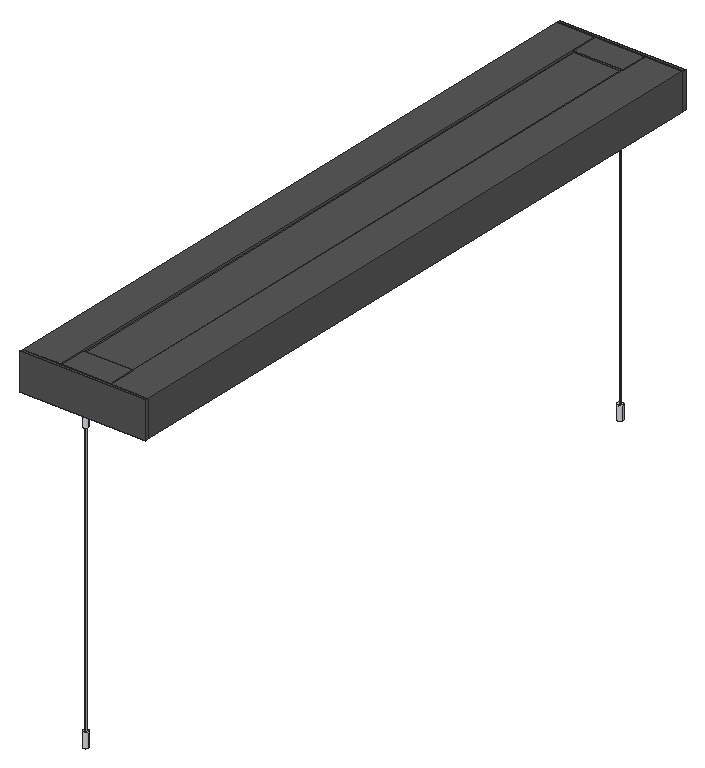
Revit family "ERA-P", category Lighting Fixtures, host Face, Revit 2018
Family settings
  Host = Face
  Round Connector Dimension = Use Diameter
  Part Type = Normal
  Cut with Voids When Loaded = No
  Light Source = Yes
  Shared = Yes
  Room Calculation Point = Yes
Parameters (values of type "4' Direct/ Indirect")
  Wattage = 42.2118 W
  built-in parameter 1150110 = 1 (stored number, unit not read)
  Voltage = 0 V
  built-in parameter 1114217 = 1 (stored number, unit not read)
  Tilt Angle = 90.00°
  built-in parameter 1150109 = 1 (stored number, unit not read)
  built-in parameter 1150134 = 12
  Switch Leg Visibility = no
  Switch Leg [instance] = ""
  Suspension Length [instance] = 2' - 0"
  built-in parameter 1150113 = 1 (stored number, unit not read)
  Photometric Web File = "ERA-L-10-SS-4-40K-8.ies"
  Material [instance] = LUX ILLUMINAIRE Black
  built-in parameter 1150105 = 285.52 (stored number, unit not read)
  Lumens = 3588 lm
  built-in parameter 1150115 = 1 (stored number, unit not read)
  built-in parameter 1150137 = (empty or 0)
  built-in parameter 1150139 = (empty or 0)
  built-in parameter 1150112 = 1 (stored number, unit not read)
  built-in parameter 1150114 = 1 (stored number, unit not read)
  Lamp = "LED"
  built-in parameter 1150132 = 2
  built-in parameter 1150102 = (empty or 0)
  built-in parameter 1150107 = 4000 (stored number, unit not read)
  built-in parameter 1150138 = (empty or 0)
  built-in parameter 1150106 = 2.8552 (stored number, unit not read)
  Fixture Width = 0' - 2 1/4"  # constant formula
  Fixture Symbol Visiblity = yes
  Fixture Length = 4' - 0"
  Emit from Rectangle Width = 0' - 3 1/2"  # constant formula
  Emit from Rectangle Length = Fixture Length  # 4' - 0"
  Emit Shape Visible in Rendering = yes
  Emergency Lighting [instance] = no
  built-in parameter 1150104 = 7.8968 (stored number, unit not read)
  Dimming Lamp Color Temperature Shift = <None>
  Default Elevation = 4' - 0"
  Color Filter = 16777215
  built-in parameter 1140040 [instance] = 1
  built-in parameter 1114218 = 1 (stored number, unit not read)
  built-in parameter 1150133 = 10 (stored number, unit not read)
  Apparent Load = 25.3 VA
Types (2): name | Wattage | built-in parameter 1150105 | Lumens | built-in parameter 1150106 | Fixture Length | Emit from Rectangle Length | Apparent Load
  4' Direct/ Indirect | 42.2118 W | 285.52 (stored number, unit not read) | 3588 lm | 2.8552 (stored number, unit not read) | 4' - 0" | 4' - 0" | 25.3 VA
  8' Direct/ Indirect | 84.4235 W | 571.05 (stored number, unit not read) | 7176 lm | 5.7105 (stored number, unit not read) | 8' - 0" | 8' - 0" | 50.6 VA
Reference planes (in)
  plane 1 "Center (Front/Back)": y = 0
  plane 2: z = 0
  plane 3 "Center (Left/Right)": x = 0
  plane 4: x = 1.125
  plane 5: x = -1.125
  plane 6: y = 24
  plane 7: y = -24
  plane 8: z = 24
  plane 9: y = 24.25
  plane 10: y = -24.25
  plane 11: z = 1
  plane 12: z = 21.4
  plane 13: z = 20.65
  plane 14: y = 22
  plane 15: y = -22
Forms (in)
  Extrusion 1, solid, material "LUX ILLUMINAIRE Black" <- "Material"
    sketch origin (0, 0, 0) x (1, 0, 0) y (0, 0, 1)
      loop
        line (-4.5108, 24) -> (-4.5108, 21.3985) -> (4.4892, 21.3985) -> (4.4892, 24) -> (1.79127, 24) -> (1.79127, 23.887) -> (1.63928, 23.90497) -> (-1.6387, 23.90497) -> (-1.79026, 23.887) -> (-1.79026, 24) -> (-4.5108, 24)
    from -24 to 24
  Extrusion 2, solid, material "LUX ILLUMINAIRE Black" <- "Material"
    sketch origin (0, 0, 0) x (1, 0, 0) y (0, 0, 1)
      loop
        line (-4.5108, 24) -> (-4.5108, 21.3985) -> (4.4892, 21.3985) -> (4.4892, 24) -> (-4.5108, 24)
    from 24 to 24.25
  Extrusion 3, solid
    sketch origin (0, 0, 0) x (1, 0, 0) y (0, 1, 0)
      loop
        circle (0.00029, -24) r 0.1875
    from 0 to 1
  Extrusion 4, solid
    sketch origin (0, 0, 0) x (1, 0, 0) y (0, 1, 0)
      loop
        circle (0.0005, -24) r 0.03125
    from 1 to 20.65
  Extrusion 5, solid
    sketch origin (0, 0, 0) x (1, 0, 0) y (0, 1, 0)
      loop
        circle (0.0005, -24) r 0.18729
    from 20.65 to 21.4
  Extrusion 6, solid, not visible
    sketch origin (0, 0, 0) x (1, 0, 0) y (0, 1, 0)
      loop
        circle (0.00029, -24) r 0.1875
    from 0 to 1
  Extrusion 7, solid, not visible
    sketch origin (0, 0, 0) x (1, 0, 0) y (0, 1, 0)
      loop
        circle (0.0005, -24) r 0.03125
    from 1 to 13.33203
  Extrusion 8, solid, not visible
    sketch origin (0, 0, 0) x (1, 0, 0) y (0, 1, 0)
      loop
        circle (0.0005, -24) r 0.18729
    from 13.33203 to 14.08203
  Extrusion 9, solid, material "LUX ILLUMINAIRE Black" <- "Material"
    sketch origin (0.00056, 24, 0) x (1, 0, 0) y (0, 0, -1)
      loop
        line (-4.51136, -21.3985) -> (-4.51136, -24) -> (4.48864, -24) -> (4.48864, -21.3985) -> (-4.51136, -21.3985)
    from 0 to 0.25
  Extrusion 10, solid
    sketch origin (0, 0, 0) x (1, 0, 0) y (0, 1, 0)
      loop
        circle (0.00029, 24) r 0.1875
    from 0 to 1
  Extrusion 11, solid
    sketch origin (0, 0, 0) x (1, 0, 0) y (0, 1, 0)
      loop
        circle (0.0005, 24) r 0.03125
    from 1 to 20.65
  Extrusion 12, solid
    sketch origin (0, 0, 0) x (1, 0, 0) y (0, 1, 0)
      loop
        circle (0.0005, 24) r 0.18729
    from 20.65 to 21.4
  Extrusion 13, solid, material "LUX ILLUMINAIRE Black" <- "Material"
    sketch origin (0, 0, 0) x (1, 0, 0) y (0, 0, 1)
      loop
        line (-1.79026, 24) -> (-1.79026, 23.887) -> (1.79127, 23.887) -> (1.79127, 24) -> (-1.79026, 24)
    from 22 to 24
  Extrusion 14, solid, material "LUX ILLUMINAIRE Black" <- "Material"
    sketch origin (0, 0, 0) x (1, 0, 0) y (0, 0, 1)
      loop
        line (-1.79026, 24) -> (-1.79026, 23.887) -> (1.79127, 23.887) -> (1.79127, 24) -> (-1.79026, 24)
    from -22 to -24
Lines and regions (in)
  symbolic lines, visible <- "Fixture Symbol Visiblity"
    curve 1: line (-4.375, 24, 0) -> (4.4892, 24, 0)
    curve 2: line (-4.375, -24, 0) -> (-4.375, 24, 0)
    curve 3: line (4.4892, -24, 0) -> (-4.375, -24, 0)
    curve 4: line (4.4892, 24, 0) -> (4.4892, -24, 0)
Dimensions and locks (in)
  plane 5 to plane 4 = 0' - 2 1/4"
  equal spacing: plane 7, plane 1 "Center (Front/Back)", plane 6
  "Fixture Length": plane 7 to plane 6
  plane 8 to host face = 2' - 0"
  locked: plane 6 to plane 9 at 0.25
  locked: plane 10 to plane 7 at 0.25
  "Suspension Length": plane 8 to level
  "Fixture Width": plane 4 to plane 5
  equal spacing: plane 4, plane 3 "Center (Left/Right)", plane 5
  locked: nested 2 to plane 10 at 9.5
  plane 8 to plane 12 to plane 13 = 0' - 2.6" locked, 0' - 0 3/4" locked
  locked: plane 8 to imposter light at 0.05558
  locked: nested 3 to plane 12 at 0.09236
  locked: plane 6 to plane 14 at 2
  locked: plane 15 to plane 7 at 2
  aligned and locked: plane 2 to host face
  aligned and locked: level to host face
  aligned and locked: plane 6 to Extrusion 9
  aligned and locked: Extrusion 1 to plane 6
  aligned and locked: plane 10 to Extrusion 2
  aligned and locked: Extrusion 2 to plane 7
  aligned and locked: plane 7 to Extrusion 1
  aligned and locked: Extrusion 9 to plane 9
  aligned and locked: plane 12 to Extrusion 12
  aligned and locked: Extrusion 12 to plane 13
  aligned and locked: plane 13 to Extrusion 11
  aligned and locked: plane 12 to Extrusion 5
  aligned and locked: Extrusion 5 to plane 13
  aligned and locked: plane 13 to Extrusion 4
  aligned and locked: plane 7 to nested 1
  aligned and locked: plane 6 to curve 1
  aligned and locked: curve 3 to plane 7
  aligned and locked: nested 1 to plane 6
  aligned and locked: plane 8 to Extrusion 9
  aligned and locked: plane 8 to Extrusion 2
  aligned and locked: Extrusion 1 to Extrusion 2 sketch curve
  aligned and locked: Extrusion 2 sketch curve to Extrusion 1
  aligned and locked: plane 7 to Extrusion 13
  aligned and locked: Extrusion 13 to plane 15
  aligned and locked: Extrusion 14 to plane 6
  aligned and locked: plane 14 to Extrusion 14
  aligned and locked: curve 4 to nested 1
Automatic sketch dimensions
  host sketch curve to host sketch curve = 8' - 0"  (x2)
  plane 7 to Extrusion 3 sketch curve = 0' - 0"
  plane 3 "Center (Left/Right)" to Extrusion 3 sketch curve = 0' - 0.00029"
  plane 7 to Extrusion 4 sketch curve = 0' - 0"
  plane 3 "Center (Left/Right)" to Extrusion 4 sketch curve = 0' - 0.0005"
  plane 7 to Extrusion 5 sketch curve = 0' - 0"
  plane 3 "Center (Left/Right)" to Extrusion 5 sketch curve = 0' - 0.0005"
  plane 6 to Extrusion 10 sketch curve = 0' - 0"
  plane 3 "Center (Left/Right)" to Extrusion 10 sketch curve = 0' - 0.00029"
  plane 6 to Extrusion 11 sketch curve = 0' - 0"
  plane 3 "Center (Left/Right)" to Extrusion 11 sketch curve = 0' - 0.0005"
  plane 6 to Extrusion 12 sketch curve = 0' - 0"
  plane 3 "Center (Left/Right)" to Extrusion 12 sketch curve = 0' - 0.0005"
  Extrusion 1 sketch curve to plane 8 = 0' - 0"  (x2)
  Extrusion 1 sketch curve to plane 12 = 0' - 0.0015"
  Extrusion 1 sketch curve to plane 5 = 0' - 0.66526"
  Extrusion 1 sketch curve to plane 8 = 0' - 0.09503"
  Extrusion 1 sketch curve to Extrusion 1 sketch curve = 0' - 0.15157"
  plane 4 to Extrusion 1 sketch curve = 0' - 0.51428"
  plane 4 to Extrusion 1 sketch curve = 0' - 0.66627"
  Extrusion 1 sketch curve to plane 8 = 0' - 0.113"  (x2)
  Extrusion 2 sketch curve to plane 12 = 0' - 0.0015"
  Extrusion 9 sketch curve to plane 12 = 0' - 0.0015"
  Extrusion 9 sketch curve to plane 5 = 0' - 3.3858"
  Extrusion 13 sketch curve to plane 8 = 0' - 0"
  Extrusion 13 sketch curve to plane 5 = 0' - 0.66526"
  plane 4 to Extrusion 13 sketch curve = 0' - 0.66627"
  Extrusion 13 sketch curve to plane 8 = 0' - 0.113"
  Extrusion 14 sketch curve to plane 8 = 0' - 0"
  Extrusion 14 sketch curve to plane 5 = 0' - 0.66526"
  plane 4 to Extrusion 14 sketch curve = 0' - 0.66627"
  Extrusion 14 sketch curve to plane 8 = 0' - 0.113"
  Extrusion 2 sketch curve to plane 8 = 0' - 0"
  Extrusion 1 sketch curve to plane 5 = 0' - 3.3858"
  plane 4 to Extrusion 1 sketch curve = 0' - 3.3642"
  plane 4 to Extrusion 9 sketch curve = 0' - 3.3642"
  Extrusion 9 sketch curve to plane 8 = 0' - 0"
  curve 3 to plane 5 = 0' - 3 1/4"
  plane 4 to curve 3 = 0' - 3.3642"
  radius of Extrusion 3 sketch curve = 0' - 0 3/16"
  radius of Extrusion 4 sketch curve = 0' - 0 1/32"
  radius of Extrusion 5 sketch curve = 0' - 0.18729"
  radius of Extrusion 6 sketch curve = 0' - 0 3/16"
  radius of Extrusion 7 sketch curve = 0' - 0 1/32"
  radius of Extrusion 8 sketch curve = 0' - 0.18729"
  radius of Extrusion 10 sketch curve = 0' - 0 3/16"
  radius of Extrusion 11 sketch curve = 0' - 0 1/32"
  radius of Extrusion 12 sketch curve = 0' - 0.18729"
Nested families (in)
  nested 1: "Emergency Symbol Rectangle" at (-14.3039, 0, 0) x (0, 1, 0) z (0, 0, 1), visible <- "Emergency Lighting", type "Emergency Symbol Rectangle"
    with Width 1' - 10.0862", Length 4' - 0"
  nested 2: "Switch Leg Annotation" at (9.99627, -14.75, 0) x (0, 1, 0) z (0, 0, 1), visible <- "Switch Leg Visibility", Switch Leg Annotation <- "Switch Leg", type "Switch Leg Annotation"
    with Switch Leg Annotation ""
  nested 3: "Indirect Light Source 2" at (-8.67032, 0.00882, -32.69236) x (0, 1, 0) z (0, 0, 1), type "Indirect Light Source 2"
Connectors (in)
  electrical at (0.00029, 24, 0), driven by "Apparent Load", driven by "Voltage"
    settings: on Extrusion 10, index 1, voltage 0 V, apparent load 0 VA, apparent load phase1 25.3 VA, apparent load phase2 0 VA, apparent load phase3 0 VA, power factor 1, load classification "Other", number of poles 1, system type 31, power factor state 1, is connector primary yes, connector utility no, sub classification motor no, connector description ""
Definition of nested family "Emergency Symbol Rectangle"
  Parameters (values of type "Emergency Symbol Rectangle")
    Width [instance] = 0' - 8 1/2"
    Length [instance] = 5' - 0"
    Emergency Visibility = no
  Reference planes (in)
    plane 1 "Center (Front/Back)": y = -7.75
    plane 2: z = 0
    plane 3 "Center (Left/Right)": x = -24
    plane 4: x = 24
    plane 5: x = -36
    plane 6: y = -3.5
    plane 7: y = -12
  Lines and regions (in)
    Filled region 1, type "Solid Fill - Black", in view "Ref. Level", detail levels coarse+medium
      outline origin (0, 0.25, 0) x (1, 0, 0) y (0, 1, 0)
        loop
          line (-36, -12.25) -> (24, -12.25) -> (-36, -10.125) -> (-36, -12.25)
  Dimensions and locks (in)
    equal spacing: plane 7, plane 1 "Center (Front/Back)", plane 6
    "Width": plane 7 to plane 6
    "Length": plane 5 to plane 4
    aligned and locked: plane 5 to Filled region 1
  Automatic sketch dimensions
    plane 1 "Center (Front/Back)" to Filled region 1 sketch curve = 0' - 2 1/8"
    Filled region 1 sketch curve to plane 3 "Center (Left/Right)" = 1' - 0"
    Filled region 1 sketch curve to plane 4 = 0' - 0"
    Filled region 1 sketch curve to plane 7 = 0' - 0"
Definition of nested family "Switch Leg Annotation"
  Parameters (values of type "Switch Leg Annotation")
    Switch Leg Annotation [instance] = ""
  Reference planes (in)
    plane 1: y = 0
    plane 2: x = 0
  Text (in)
    label "a" at (0.00527, 0.01239, 0), shows "Switch Leg Annotation"
Definition of nested family "Indirect Light Source 2"
  Parameters (values of type "Indirect Light Source 2")
    Wattage = 20 W
    built-in parameter 1150110 = 1 (stored number, unit not read)
    built-in parameter 1114217 = 1 (stored number, unit not read)
    built-in parameter 1150109 = 1 (stored number, unit not read)
    built-in parameter 1150134 = (empty or 0)
    built-in parameter 1150113 = 1 (stored number, unit not read)
    Lumens = 1700 lm
    built-in parameter 1150115 = 1 (stored number, unit not read)
    built-in parameter 1150105 = 541.13 (stored number, unit not read)
    Light Source Symbol Size = 2' - 0"
    built-in parameter 1150137 = (empty or 0)
    built-in parameter 1150139 = (empty or 0)
    built-in parameter 1150112 = 1 (stored number, unit not read)
    built-in parameter 1150114 = 1 (stored number, unit not read)
    built-in parameter 1150132 = (empty or 0)
    built-in parameter 1150102 = (empty or 0)
    built-in parameter 1150138 = (empty or 0)
    built-in parameter 1150107 = 3500 (stored number, unit not read)
    built-in parameter 1150106 = 5.4113 (stored number, unit not read)
    Emit from Rectangle Width = 0' - 8"
    Emit from Rectangle Length = 4' - 0"
    Emit Shape Visible in Rendering = yes
    built-in parameter 1150104 = 7.8968 (stored number, unit not read)
    Dimming Lamp Color Temperature Shift = (empty or 0)
    Color Filter = 16777215
    built-in parameter 1114218 = 1 (stored number, unit not read)
    built-in parameter 1150133 = 10 (stored number, unit not read)
  Reference planes (in)
    plane 1 "Light Source Axis (F/B)": y = -8.60801
    plane 2: z = 0
    plane 3 "Light Source Axis (L/R)": x = 0
    plane 4 "Light Source Elevation": z = 54
    plane 5: z = 0
  Lines and regions (in)
    model lines
      curve 1: line (-22, -8.60801, 54) -> (21, -8.60801, 54)
  Dimensions and locks (in)
    aligned and locked: plane 3 "Light Source Axis (L/R)" to imposter light
    aligned and locked: level to plane 5
